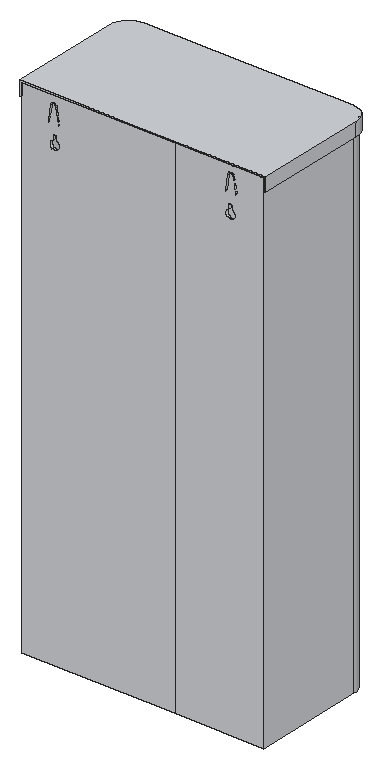
Revit family "AX8926-C_0007", category Appareils sanitaires, Revit 2016
Family settings
  Hôte = Mur
  Type d'élément = Normal
  Cote de connecteur circulaire = Utiliser le diamètre
  Numéro OmniClass = 23.75.00.00
  Titre OmniClass = Climate Control (HVAC)
  Toujours verticalement = Oui
  Couper avec des vides une fois chargée = Non
  Partagée = Non
  Point de calcul de pièce = Non
Parameters (values of type "Type 1")
  URL = "https://www.axeuro.com/fr/poubelles/25273-poubelle-murale-ax8926-c.html?search_query=ax8926-c&results=6"
  Type de produit / Type of product = "Poubelle murale extra-plate / Waste receptacle"  # constant formula
  Référence / Reference = "AX8926-C, AX8926W-C"  # constant formula
  Model = ""
  Manufacturer = ""
  Entreprise / Company = "Axeuro"  # constant formula
  Description = ""
Reference planes
  plane 1 "Mur": y = 0
  plane 2 "Centre (gauche/droite)": x = 0
  plane 3 "Arrière": y = 75
Forms (mm)
  Extrusion 1, solid
    sketch origin (-142.674, -95, 0) x (1, 0, 0) y (0, 1, 0)
      loop
        line (2.674, 170) -> (179.5, 170) -> (282.674, 170) -> (282.674, 299.853)
        arc (282.674, 299.853) -> (276.773, 314.099) -> (262.527, 320) r 20.147
        line (262.527, 320) -> (182.674, 320) -> (22.821, 320)
        arc (22.821, 320) -> (8.575, 314.099) -> (2.674, 299.853) r 20.147
        line (2.674, 299.853) -> (2.674, 170)
      loop
        line (182.674, 317.6) -> (22.821, 317.6)
        arc (22.821, 317.6) -> (10.272, 312.402) -> (5.074, 299.853) r 17.747
        line (5.074, 299.853) -> (5.074, 172.4) -> (179.5, 172.4) -> (280.274, 172.4) -> (280.274, 299.853)
        arc (280.274, 299.853) -> (275.076, 312.402) -> (262.527, 317.6) r 17.747
        line (262.527, 317.6) -> (182.674, 317.6)
    from 200 to 790
  Extrusion 2, void
    sketch origin (-1.203, 0, 10.01) x (1, 0, 0) y (0, 0, 1)
      loop
        arc (-102.277, 733.673) -> (-100.255, 723.071) -> (-98.316, 733.688) r 5.49
        line (-98.316, 733.688) -> (-98.316, 738.673)
        arc (-98.316, 738.673) -> (-100.297, 740.013) -> (-102.277, 738.673) r 2.134
        line (-102.277, 738.673) -> (-102.277, 733.673)
    from -75 to -77.6
  Extrusion 3, void
    sketch origin (1.599, 0, 0) x (1, 0, 0) y (0, 0, 1)
      loop
        arc (-110.599, 762.273) -> (-109.999, 761.023) -> (-108.761, 761.649) r 0.971
        line (-108.761, 761.649) -> (-105.929, 779.052)
        arc (-105.929, 779.052) -> (-104.014, 780.967) -> (-102.099, 779.052) r 1.915
        line (-102.099, 779.052) -> (-99.267, 761.649)
        arc (-99.267, 761.649) -> (-98.029, 761.023) -> (-97.429, 762.273) r 0.971
        line (-97.429, 762.273) -> (-100.012, 779.039)
        arc (-100.012, 779.039) -> (-103.942, 782.968) -> (-107.871, 779.039) r 3.93
        line (-107.871, 779.039) -> (-110.599, 762.273)
    from -77.4 to -75
  Extrusion 4, solid
    sketch origin (0.5, 0, 0) x (1, 0, 0) y (0, 1, 0)
      loop
        line (-140.5, 204.853) -> (-140.5, 75) -> (36.326, 75) -> (139.5, 75) -> (139.5, 204.853)
        arc (139.5, 204.853) -> (133.599, 219.099) -> (119.353, 225) r 20.147
        line (119.353, 225) -> (39.5, 225) -> (-120.353, 225)
        arc (-120.353, 225) -> (-134.599, 219.099) -> (-140.5, 204.853) r 20.147
    from 200 to 202.4
  Extrusion 5, void
    sketch origin (1.203, 0, 10.01) x (-1, 0, 0) y (0, 0, -1)
      loop
        line (-102.277, -733.673) -> (-102.277, -738.673)
        arc (-102.277, -738.673) -> (-100.297, -740.013) -> (-98.316, -738.673) r 2.134
        line (-98.316, -738.673) -> (-98.316, -733.688)
        arc (-98.316, -733.688) -> (-100.255, -723.071) -> (-102.277, -733.673) r 5.49
    from -75 to -77.6
  Extrusion 6, void
    sketch origin (-1.599, 0, 0) x (-1, 0, 0) y (0, 0, -1)
      loop
        line (-110.599, -762.273) -> (-107.871, -779.039)
        arc (-107.871, -779.039) -> (-103.942, -782.968) -> (-100.012, -779.039) r 3.93
        line (-100.012, -779.039) -> (-97.429, -762.273)
        arc (-97.429, -762.273) -> (-98.029, -761.023) -> (-99.267, -761.649) r 0.971
        line (-99.267, -761.649) -> (-102.099, -779.052)
        arc (-102.099, -779.052) -> (-104.014, -780.967) -> (-105.929, -779.052) r 1.915
        line (-105.929, -779.052) -> (-108.761, -761.649)
        arc (-108.761, -761.649) -> (-109.999, -761.023) -> (-110.599, -762.273) r 0.971
    from -77.4 to -75
  Extrusion 7, solid
    sketch origin (0, 0, -33.623) x (1, 0, 0) y (0, 1, 0)
      loop
        line (-142, 75) -> (0, 75) -> (142, 75) -> (142, 205)
        arc (142, 205) -> (136.044, 220.509) -> (120.75, 227) r 21.263
        line (120.75, 227) -> (0, 227) -> (-120.75, 227)
        arc (-120.75, 227) -> (-136.044, 220.509) -> (-142, 205) r 21.263
        line (-142, 205) -> (-142, 75)
    from 809.623 to 825.623
  Extrusion 8, void
    sketch origin (0, 0, 0) x (1, 0, 0) y (0, 0, 1)
      loop
        line (-140, 776) -> (140, 776) -> (140, 790) -> (-140, 790) -> (-140, 776)
    from -77.4 to -75
Cuts and joins
  Extrusion 2, Extrusion 3, Extrusion 5, Extrusion 6 cuts Extrusion 1
  Extrusion 5, Extrusion 6 cuts Extrusion 4
  joined: Extrusion 1, Extrusion 4
  Extrusion 8 cuts Extrusion 7
Lines and regions (mm)
  reference lines
    curve 1: line (0, 227, 792) -> (0, 227, 807)
Text (mm)
  text "Côté de la mise en place" at (-1820.995, 1116.779, 0), in view "Niveau de réf."
  text "Côté de la mise en place" at (0, 1334.055, 2976.191), in view "Gauche"
  text "Côté de la mise en place" at (0, 439.194, 2944.362), in view "Droite"
Dimensions and locks
  locked: plane 3 "Arrière" to host wall
  aligned and locked: plane 1 "Mur" to host wall
